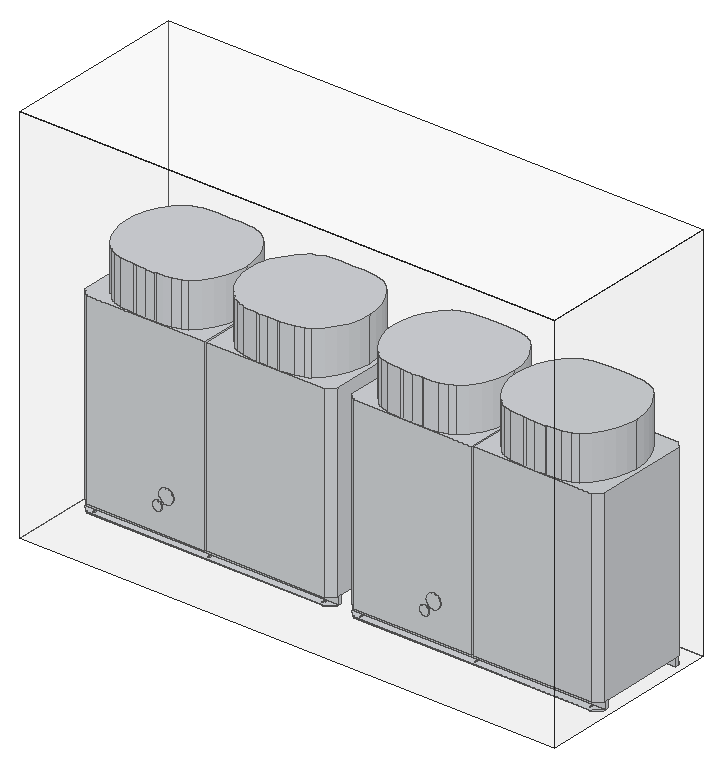
Revit family "pury-sep224_500(s)dmg9_60Hz", category 機械設備, Revit 2019 (continued)
Definition of nested family "筐体モジュール.（R2高効率）"
  Lines and regions (mm)
    symbolic lines, visible <- "ユニット4X"
      curve 301: arc (-694.112, 316.106, 0) -> (-802.132, 174.18, 0) -> (-840.507, 0, 0) r 414.476
      curve 302: arc (-840.507, 0, 0) -> (-802.132, -174.18, 0) -> (-694.112, -316.106, 0) r 414.476
      curve 303: arc (-694.112, -316.106, 0) -> (-676.871, -327.278, 0) -> (-658.4, -336.274, 0) r 168.924
      curve 304: arc (-658.4, -336.274, 0) -> (-630.711, -346.28, 0) -> (-602.194, -353.601, 0) r 308.609
      curve 305: arc (-602.194, -353.601, 0) -> (-554.089, -361, 0) -> (-505.475, -363.367, 0) r 468.429
      curve 306: arc (-505.475, -363.367, 0) -> (-497.937, -363.425, 0) -> (-490.403, -363.142, 0) r 167.153
      curve 307: line (-490.403, -363.142, 0) -> (-426.031, -363.142, 0)
      curve 308: line (-426.031, -363.142, 0) -> (-361.659, -363.142, 0)
      curve 309: arc (-361.659, -363.142, 0) -> (-354.125, -363.425, 0) -> (-346.586, -363.367, 0) r 167.153
      curve 310: arc (-346.586, -363.367, 0) -> (-296.703, -360.87, 0) -> (-247.368, -353.076, 0) r 468.429
      curve 311: arc (-247.368, -353.076, 0) -> (-220.13, -345.901, 0) -> (-193.659, -336.274, 0) r 308.61
      curve 312: arc (-193.659, -336.274, 0) -> (-174.719, -327.333, 0) -> (-157.039, -316.106, 0) r 167.985
      curve 313: arc (-157.039, -316.106, 0) -> (-49.249, -174.112, 0) -> (-10.965, 0, 0) r 415.066
      curve 314: arc (-10.965, 0, 0) -> (-49.249, 174.112, 0) -> (-157.039, 316.106, 0) r 415.066
      curve 315: arc (-157.039, 316.106, 0) -> (-174.719, 327.333, 0) -> (-193.659, 336.274, 0) r 167.985
      curve 316: arc (-193.659, 336.274, 0) -> (-220.13, 345.901, 0) -> (-247.368, 353.076, 0) r 308.61
      curve 317: arc (-247.368, 353.076, 0) -> (-296.703, 360.87, 0) -> (-346.586, 363.367, 0) r 468.429
      curve 318: line (-346.586, 363.367, 0) -> (-426.031, 363.367, 0)
      curve 319: line (-426.031, 363.367, 0) -> (-505.475, 363.367, 0)
      curve 320: arc (-505.475, 363.367, 0) -> (-554.089, 361, 0) -> (-602.194, 353.601, 0) r 468.429
      curve 321: arc (-602.194, 353.601, 0) -> (-630.711, 346.28, 0) -> (-658.4, 336.274, 0) r 308.609
      curve 322: arc (-658.4, 336.274, 0) -> (-677.005, 327.516, 0) -> (-694.112, 316.106, 0) r 138.853
      curve 323: arc (840.507, 0, 0) -> (802.132, 174.18, 0) -> (694.112, 316.106, 0) r 414.476
      curve 324: arc (694.112, 316.106, 0) -> (677.005, 327.516, 0) -> (658.4, 336.274, 0) r 138.853
      curve 325: arc (658.4, 336.274, 0) -> (630.711, 346.28, 0) -> (602.194, 353.601, 0) r 308.609
      curve 326: arc (602.194, 353.601, 0) -> (554.089, 361, 0) -> (505.475, 363.367, 0) r 468.429
      curve 327: line (505.475, 363.367, 0) -> (426.031, 363.367, 0)
      curve 328: line (426.031, 363.367, 0) -> (346.586, 363.367, 0)
      curve 329: arc (346.586, 363.367, 0) -> (297.973, 361, 0) -> (249.868, 353.601, 0) r 468.429
      curve 330: arc (249.868, 353.601, 0) -> (221.351, 346.28, 0) -> (193.661, 336.274, 0) r 308.609
      curve 331: arc (193.661, 336.274, 0) -> (175.191, 327.278, 0) -> (157.949, 316.106, 0) r 168.924
      curve 332: arc (157.949, 316.106, 0) -> (49.93, 174.18, 0) -> (11.555, 0, 0) r 414.476
      curve 333: arc (11.555, 0, 0) -> (49.93, -174.18, 0) -> (157.949, -316.106, 0) r 414.476
      curve 334: arc (157.949, -316.106, 0) -> (175.191, -327.278, 0) -> (193.661, -336.274, 0) r 168.924
      curve 335: arc (193.661, -336.274, 0) -> (221.351, -346.28, 0) -> (249.868, -353.601, 0) r 308.609
      curve 336: arc (249.868, -353.601, 0) -> (297.973, -361, 0) -> (346.586, -363.367, 0) r 468.429
      curve 337: arc (346.586, -363.367, 0) -> (354.125, -363.425, 0) -> (361.659, -363.142, 0) r 167.153
      curve 338: line (361.659, -363.142, 0) -> (426.031, -363.142, 0)
      curve 339: line (426.031, -363.142, 0) -> (490.403, -363.142, 0)
      curve 340: arc (490.403, -363.142, 0) -> (497.937, -363.425, 0) -> (505.475, -363.367, 0) r 167.153
      curve 341: arc (505.475, -363.367, 0) -> (554.089, -361, 0) -> (602.194, -353.601, 0) r 468.429
      curve 342: arc (602.194, -353.601, 0) -> (630.711, -346.28, 0) -> (658.4, -336.274, 0) r 308.609
      curve 343: arc (658.4, -336.274, 0) -> (676.871, -327.278, 0) -> (694.112, -316.106, 0) r 168.924
      curve 344: arc (694.112, -316.106, 0) -> (802.132, -174.18, 0) -> (840.507, 0, 0) r 414.476
      curve 345: line (-875, 320.831, 0) -> (-875, -320.583, 0)
      curve 346: line (-825.831, 370, 0) -> (-875, 320.831, 0)
      curve 347: line (-875, -320.583, 0) -> (-825.583, -370, 0)
      curve 348: line (825.831, 370, 0) -> (-825.831, 370, 0)
      curve 349: line (875, 320.831, 0) -> (825.831, 370, 0)
      curve 350: line (875, -320.583, 0) -> (875, 320.831, 0)
      curve 351: line (825.583, -370, 0) -> (875, -320.583, 0)
      curve 352: line (-825.583, -370, 0) -> (825.583, -370, 0)
      curve 353: line (4.756, 370, 0) -> (4.756, -370, 0)
      curve 354: line (-4.756, -370, 0) -> (-4.756, 370, 0)
  Dimensions and locks
    "Depth": plane 4 to plane 5
    equal spacing: plane 4, plane 1 "中心(正面/背面)", plane 5
    "W": plane 6 to plane 21
    locked: plane 11 "本体下部" to plane 2 at 54
    plane 4 to plane 9 to plane 10 to plane 14 to plane 13 to plane 12 = 57 mm locked, 20 mm locked, 586 mm locked, 20 mm locked, 57 mm locked
    locked: plane 12 to plane 15 at 29.5
    locked: plane 4 to plane 17 at 29.5
    "冷媒液_Z": plane 18 "電源高さ" to level
    plane 8 to plane 7 = 303 mm
    plane 7 to plane 2 = 1347 mm
    "Height": plane 8 to plane 2
    "冷媒管径_Z": level to plane 19 "冷媒管高さ"
    locked: plane 6 to plane 16 at 80
    locked: plane 11 "本体下部" to plane 20 "冷媒操作弁ガス芯4" at 1
    equal spacing: plane 6, plane 3 "中心(左/右)", plane 21
    equal spacing: plane 22, plane 3 "中心(左/右)", plane 23
    "Width": plane 22 to plane 23
    "冷媒ガス_Y": plane 4 to plane 27
    "冷媒管径_Y": plane 4 to plane 28
    "冷媒液_Y": plane 4 to plane 29
    "冷媒ガス_Z": plane 30 to level
    "冷媒液_X": plane 22 to plane 24
    "冷媒管径_X": plane 22 to plane 25
    "冷媒ガス_X": plane 24 to plane 26
    locked: plane 31 to plane 21 at 80
    "冷媒ガス管径": diameter of Extrusion 8 sketch curve
    "冷媒液管径": diameter of Extrusion 7 sketch curve
    "冷媒管径": diameter of Extrusion 6 sketch curve
    "冷媒管径": diameter of Extrusion 5 sketch curve
    aligned and locked: Extrusion 1 to plane 6
    aligned and locked: curve 3 to plane 6
    aligned and locked: plane 10 to Extrusion 2 sketch curve
    aligned and locked: plane 6 to Extrusion 2 sketch curve
    aligned and locked: Extrusion 2 sketch curve to plane 9
    aligned and locked: Extrusion 1 to plane 11 "本体下部"
    aligned and locked: plane 11 "本体下部" to Extrusion 1  (x2)
    aligned and locked: plane 7 to Extrusion 1
    aligned and locked: plane 4 to Extrusion 4
    aligned and locked: plane 9 to Extrusion 2
    aligned and locked: plane 11 "本体下部" to Extrusion 6
    aligned and locked: Extrusion 7 to plane 20 "冷媒操作弁ガス芯4"
    aligned and locked: plane 11 "本体下部" to Extrusion 7
    aligned and locked: plane 11 "本体下部" to Extrusion 8
    aligned and locked: Extrusion 7 to Extrusion 8
    aligned and locked: Extrusion 7 to Extrusion 6
    aligned and locked: Extrusion 1 sketch curve to plane 21
    aligned and locked: Extrusion 1 sketch curve to plane 12
    aligned and locked: Extrusion 1 sketch curve to plane 4
    aligned and locked: Extrusion 1 sketch curve to Extrusion 4
    aligned and locked: curve 203 to plane 21
    aligned and locked: plane 25 to Extrusion 6 sketch curve
    aligned and locked: plane 28 to Extrusion 6 sketch curve
    aligned and locked: plane 26 to Extrusion 8 sketch curve
    aligned and locked: plane 27 to Extrusion 8 sketch curve
    aligned and locked: plane 29 to Extrusion 7 sketch curve
    aligned and locked: plane 24 to Extrusion 7 sketch curve
    aligned and locked: plane 19 "冷媒管高さ" to Extrusion 5 sketch curve
    aligned and locked: plane 25 to Extrusion 5 sketch curve
    aligned and locked: curve 301 to Extrusion 11
    aligned and locked: curve 302 to Extrusion 11
    aligned and locked: curve 303 to Extrusion 11
    aligned and locked: curve 304 to Extrusion 11
    aligned and locked: curve 305 to Extrusion 11
    aligned and locked: curve 306 to Extrusion 11
    aligned and locked: curve 307 to Extrusion 11
    aligned and locked: curve 308 to Extrusion 11
    aligned and locked: curve 309 to Extrusion 11
    aligned and locked: curve 310 to Extrusion 11
    aligned and locked: curve 311 to Extrusion 11
    aligned and locked: curve 312 to Extrusion 11
    aligned and locked: curve 313 to Extrusion 11
    aligned and locked: curve 314 to Extrusion 11
    aligned and locked: curve 315 to Extrusion 11
    aligned and locked: curve 316 to Extrusion 11
    aligned and locked: curve 317 to Extrusion 11
    aligned and locked: curve 318 to Extrusion 11
    aligned and locked: curve 319 to Extrusion 11
    aligned and locked: curve 320 to Extrusion 11
    aligned and locked: curve 321 to Extrusion 11
    aligned and locked: curve 322 to Extrusion 11
    aligned and locked: curve 323 to Extrusion 10
    aligned and locked: curve 324 to Extrusion 10
    aligned and locked: curve 325 to Extrusion 10
    aligned and locked: curve 326 to Extrusion 10
    aligned and locked: curve 327 to Extrusion 10
    aligned and locked: curve 328 to Extrusion 10
    aligned and locked: curve 329 to Extrusion 10
    aligned and locked: curve 330 to Extrusion 10
    aligned and locked: curve 331 to Extrusion 10
    aligned and locked: curve 332 to Extrusion 10
    aligned and locked: curve 333 to Extrusion 10
    aligned and locked: curve 334 to Extrusion 10
    aligned and locked: curve 335 to Extrusion 10
    aligned and locked: curve 336 to Extrusion 10
    aligned and locked: curve 337 to Extrusion 10
    aligned and locked: curve 338 to Extrusion 10
    aligned and locked: curve 339 to Extrusion 10
    aligned and locked: curve 340 to Extrusion 10
    aligned and locked: curve 341 to Extrusion 10
    aligned and locked: curve 342 to Extrusion 10
    aligned and locked: curve 343 to Extrusion 10
    aligned and locked: curve 344 to Extrusion 10
    aligned and locked: curve 345 to Extrusion 1
    aligned and locked: curve 346 to Extrusion 1
    aligned and locked: curve 347 to Extrusion 1
    aligned and locked: curve 348 to Extrusion 9
    aligned and locked: curve 349 to Extrusion 1
    aligned and locked: curve 350 to Extrusion 1
    aligned and locked: curve 351 to Extrusion 1
    aligned and locked: curve 352 to Extrusion 4
    aligned and locked: curve 353 to Extrusion 1
    aligned and locked: curve 354 to Extrusion 1
    aligned and locked: plane 17 to nested 2
    aligned and locked: plane 15 to nested 2
    aligned and locked: plane 16 to nested 2
    aligned and locked: plane 31 to nested 1
    aligned and locked: plane 17 to nested 1
    aligned and locked: plane 15 to nested 1
    aligned and locked: plane 3 "中心(左/右)" to nested 2
    aligned and locked: plane 3 "中心(左/右)" to nested 1
    aligned and locked: Masking region 1 sketch curve to curve 346
    aligned and locked: Masking region 1 sketch curve to curve 345
    aligned and locked: Masking region 1 sketch curve to curve 347
    aligned and locked: Masking region 1 sketch curve to curve 352
    aligned and locked: Masking region 1 sketch curve to curve 351
    aligned and locked: Masking region 1 sketch curve to curve 350
    aligned and locked: Masking region 1 sketch curve to curve 349
    aligned and locked: Masking region 1 sketch curve to curve 348
  Automatic sketch dimensions
    Extrusion 2 sketch curve to plane 21 = 0 mm
    Extrusion 3 sketch curve to plane 6 = 0 mm
    Extrusion 3 sketch curve to plane 13 = 0 mm
    Extrusion 3 sketch curve to plane 21 = 0 mm
    Extrusion 3 sketch curve to plane 14 = 0 mm
    Extrusion 10 sketch curve to Extrusion 10 sketch curve = 0 mm  (x4)
    plane 1 "中心(正面/背面)" to Extrusion 10 sketch curve = 0 mm  (x2)
    Extrusion 10 sketch curve to plane 21 = 266.274 mm
    Extrusion 10 sketch curve to plane 21 = 281.195 mm
    Extrusion 10 sketch curve to plane 1 "中心(正面/背面)" = 51.367 mm  (x2)
    Extrusion 10 sketch curve to Extrusion 10 sketch curve = 68.933 mm
    plane 1 "中心(正面/背面)" to Extrusion 10 sketch curve = 51.367 mm  (x2)
    Extrusion 10 sketch curve to Extrusion 10 sketch curve = 32.763 mm  (x4)
    plane 5 to Extrusion 10 sketch curve = 6.633 mm
    Extrusion 10 sketch curve to Extrusion 10 sketch curve = 103.251 mm
    Extrusion 10 sketch curve to Extrusion 10 sketch curve = 6.599 mm  (x2)
    Extrusion 10 sketch curve to plane 4 = 6.858 mm
    Extrusion 10 sketch curve to Extrusion 10 sketch curve = 10.027 mm
    Extrusion 10 sketch curve to Extrusion 10 sketch curve = 113.762 mm
    Extrusion 10 sketch curve to Extrusion 10 sketch curve = 64.372 mm  (x2)
    Extrusion 10 sketch curve to Extrusion 10 sketch curve = 79.445 mm  (x2)
    Extrusion 10 sketch curve to Extrusion 10 sketch curve = 148.799 mm
    Extrusion 10 sketch curve to Extrusion 10 sketch curve = 80.998 mm
    Extrusion 10 sketch curve to Extrusion 10 sketch curve = 86.775 mm
    Extrusion 10 sketch curve to Extrusion 10 sketch curve = 93.374 mm
    Extrusion 10 sketch curve to Extrusion 10 sketch curve = 155.243 mm
    Extrusion 10 sketch curve to plane 14 = 112.812 mm
    Extrusion 10 sketch curve to plane 1 "中心(正面/背面)" = 105.059 mm
    Extrusion 10 sketch curve to Extrusion 10 sketch curve = 53.692 mm  (x3)
    Extrusion 10 sketch curve to plane 17 = 4.226 mm  (x2)
    Extrusion 10 sketch curve to Extrusion 10 sketch curve = 64.596 mm
    Extrusion 10 sketch curve to plane 15 = 4.226 mm  (x2)
    Extrusion 10 sketch curve to Extrusion 10 sketch curve = 49.674 mm
    plane 13 to Extrusion 10 sketch curve = 3.106 mm
    plane 17 to Extrusion 10 sketch curve = 13.101 mm  (x2)
    Extrusion 10 sketch curve to plane 4 = 6.633 mm
    plane 15 to Extrusion 10 sketch curve = 13.101 mm
    plane 9 to Extrusion 10 sketch curve = 3.106 mm
    Extrusion 11 sketch curve to Extrusion 11 sketch curve = 0 mm  (x3)
    Extrusion 11 sketch curve to plane 1 "中心(正面/背面)" = 0 mm
    plane 1 "中心(正面/背面)" to Extrusion 11 sketch curve = 0 mm
    plane 1 "中心(正面/背面)" to Extrusion 11 sketch curve = 51.367 mm  (x2)
    Extrusion 11 sketch curve to Extrusion 11 sketch curve = 32.763 mm  (x4)
    plane 5 to Extrusion 11 sketch curve = 6.633 mm
    Extrusion 11 sketch curve to Extrusion 11 sketch curve = 6.599 mm  (x2)
    Extrusion 11 sketch curve to plane 4 = 6.858 mm
    Extrusion 11 sketch curve to Extrusion 11 sketch curve = 113.762 mm  (x2)
    Extrusion 11 sketch curve to Extrusion 11 sketch curve = 64.372 mm  (x2)
    Extrusion 11 sketch curve to Extrusion 11 sketch curve = 79.445 mm  (x2)
    Extrusion 11 sketch curve to Extrusion 11 sketch curve = 91.232 mm  (x2)
    Extrusion 11 sketch curve to Extrusion 11 sketch curve = 53.692 mm  (x3)
    Extrusion 11 sketch curve to plane 1 "中心(正面/背面)" = 51.367 mm  (x2)
    Extrusion 11 sketch curve to Extrusion 11 sketch curve = 75.129 mm
    Extrusion 11 sketch curve to Extrusion 11 sketch curve = 101.551 mm
    Extrusion 11 sketch curve to plane 17 = 4.226 mm  (x2)
    Extrusion 11 sketch curve to Extrusion 11 sketch curve = 64.596 mm
    Extrusion 11 sketch curve to plane 15 = 4.226 mm  (x2)
    Extrusion 11 sketch curve to Extrusion 11 sketch curve = 49.674 mm
    plane 13 to Extrusion 11 sketch curve = 3.106 mm
    plane 17 to Extrusion 11 sketch curve = 13.101 mm
    Extrusion 11 sketch curve to plane 4 = 6.633 mm
    plane 9 to Extrusion 11 sketch curve = 3.106 mm
    Extrusion 11 sketch curve to Extrusion 11 sketch curve = 80.998 mm
    Extrusion 11 sketch curve to Extrusion 11 sketch curve = 93.374 mm
    Extrusion 11 sketch curve to Extrusion 11 sketch curve = 101.697 mm
    plane 16 to Extrusion 11 sketch curve = 186.274 mm
    Extrusion 11 sketch curve to Extrusion 11 sketch curve = 152.925 mm
    Extrusion 11 sketch curve to Extrusion 11 sketch curve = 111.791 mm
    Extrusion 11 sketch curve to Extrusion 11 sketch curve = 148.799 mm
    Extrusion 11 sketch curve to Extrusion 11 sketch curve = 89.275 mm
    Extrusion 11 sketch curve to Extrusion 11 sketch curve = 95.874 mm
    plane 15 to Extrusion 11 sketch curve = 12.576 mm
    plane 17 to Extrusion 11 sketch curve = 12.576 mm
    Extrusion 10 sketch curve to Extrusion 10 sketch curve = 75.129 mm  (x2)
    Extrusion 11 sketch curve to Extrusion 11 sketch curve = 16.103 mm  (x2)
    Extrusion 10 sketch curve to Extrusion 10 sketch curve = 91.232 mm  (x2)
    Extrusion 11 sketch curve to plane 10 = 96.709 mm
    Extrusion 9 sketch curve to plane 6 = 0 mm
    plane 5 to Extrusion 9 sketch curve = 0 mm
    Extrusion 9 sketch curve to plane 16 = 0 mm
    Extrusion 9 sketch curve to plane 3 "中心(左/右)" = 0 mm
    Extrusion 9 sketch curve to plane 21 = 0 mm
    Extrusion 9 sketch curve to plane 13 = 0 mm
    plane 16 to Extrusion 9 sketch curve = 30.583 mm
    Extrusion 9 sketch curve to plane 15 = 3 mm  (x3)
    Extrusion 9 sketch curve to Extrusion 9 sketch curve = 7 mm  (x3)
    plane 15 to Extrusion 9 sketch curve = 3 mm  (x3)
    plane 21 to Extrusion 9 sketch curve = 87 mm
    Extrusion 9 sketch curve to Extrusion 9 sketch curve = 23.583 mm
    Extrusion 9 sketch curve to plane 13 = 7.583 mm  (x2)
    Extrusion 1 sketch curve to plane 6 = 0 mm
    plane 5 to Extrusion 1 sketch curve = 0 mm
    plane 4 to Extrusion 1 sketch curve = 0 mm
    Extrusion 1 sketch curve to plane 16 = 30.831 mm
    Extrusion 1 sketch curve to plane 16 = 30.583 mm
    Extrusion 1 sketch curve to plane 3 "中心(左/右)" = 4.756 mm
    plane 3 "中心(左/右)" to Extrusion 1 sketch curve = 4.756 mm
    Extrusion 1 sketch curve to plane 21 = 49.169 mm
    plane 9 to Extrusion 1 sketch curve = 7.583 mm
    plane 13 to Extrusion 1 sketch curve = 7.831 mm  (x2)
    Extrusion 4 sketch curve to plane 6 = 0 mm
    plane 4 to Extrusion 4 sketch curve = 0 mm
    Extrusion 4 sketch curve to plane 16 = 0 mm
    Extrusion 4 sketch curve to plane 3 "中心(左/右)" = 0 mm
    Extrusion 4 sketch curve to plane 21 = 0 mm
    plane 9 to Extrusion 4 sketch curve = 0 mm
    Extrusion 4 sketch curve to plane 16 = 30.583 mm
    plane 17 to Extrusion 4 sketch curve = 3 mm  (x3)
    Extrusion 4 sketch curve to Extrusion 4 sketch curve = 7 mm  (x3)
    Extrusion 4 sketch curve to plane 17 = 3 mm  (x3)
    Extrusion 4 sketch curve to plane 21 = 87 mm
    Extrusion 4 sketch curve to Extrusion 4 sketch curve = 23.583 mm
    plane 9 to Extrusion 4 sketch curve = 7.583 mm  (x2)
    curve 306 to curve 307 = 64.372 mm
    curve 319 to curve 317 = 79.445 mm
    curve 337 to curve 338 = 64.372 mm
    curve 328 to curve 328 = 79.445 mm
  Nested families
    nested 1: "固定点" at (0, -340.5, 0), visible <- "ユニット4X", type "固定点", detail levels fine
      with W 795 mm, D 681 mm
    nested 2: "固定点" at (-795, -340.5, 0), visible <- "ユニット4X", type "固定点", detail levels fine
      with W 795 mm, D 681 mm
  Definition of nested family "固定点"
    Parameters (values of type "固定点")
      中心円 = 20 mm
      W [instance] = 1000 mm
      D [instance] = 1000 mm
    Reference planes
      plane 1 "中心(正面/背面)": y = 0
      plane 2: z = 0
      plane 3 "中心(左/右)": x = 0
      plane 4: x = 1000
      plane 5: y = 1000
    Lines and regions (mm)
      symbolic lines, detail levels fine
        curve 1: circle (0, 1000, 0) r 10 normal (0, 0, 1)
        curve 2: circle (0, 0, 0) r 10 normal (0, 0, 1)
        curve 3: circle (1000, 1000, 0) r 10 normal (0, 0, 1)
        curve 4: circle (1000, 0, 0) r 10 normal (0, 0, 1)
        curve 5: line (-200, 1000, 0) -> (1200, 1000, 0)
        curve 6: line (-200, 0, 0) -> (1200, 0, 0)
        curve 7: line (0, 1200, 0) -> (0, -200, 0)
        curve 8: line (1000, 1200, 0) -> (1000, -200, 0)
    Dimensions and locks
      "W": plane 3 "中心(左/右)" to plane 4
      "D": plane 1 "中心(正面/背面)" to plane 5
      "中心円": diameter of curve 1
      "中心円": diameter of curve 2
      "中心円": diameter of curve 3
      "中心円": diameter of curve 4
      aligned and locked: level to plane 2
      aligned and locked: plane 5 to curve 1
      aligned and locked: plane 3 "中心(左/右)" to curve 1
      aligned and locked: plane 3 "中心(左/右)" to curve 2
      aligned and locked: plane 1 "中心(正面/背面)" to curve 2
      aligned and locked: plane 4 to curve 3
      aligned and locked: plane 5 to curve 3
      aligned and locked: plane 1 "中心(正面/背面)" to curve 4
      aligned and locked: plane 4 to curve 4
      aligned and locked: plane 1 "中心(正面/背面)" to curve 6
      aligned and locked: curve 7 to plane 3 "中心(左/右)"
      aligned and locked: curve 8 to plane 4
    Automatic sketch dimensions
      curve 5 to plane 5 = 0 mm
      curve 6 to plane 3 "中心(左/右)" = 200 mm
      curve 5 to plane 3 "中心(左/右)" = 200 mm
      curve 4 to curve 6 = 200 mm
      curve 3 to curve 5 = 200 mm
      plane 1 "中心(正面/背面)" to curve 8 = 200 mm
      plane 1 "中心(正面/背面)" to curve 7 = 200 mm
      curve 3 to curve 8 = 200 mm
      curve 1 to curve 7 = 200 mm
Definition of nested family "outline"
  Parameters (values of type "outline_S")
    ユニット4X [instance] = and(ユニット2, Width = 1750 mm)  # no
    ユニット2 [instance] = yes
    Width [instance] = 920 mm
    W = 920 mm
    Height [instance] = 1650 mm
    Depth [instance] = 740 mm
  Types (3, lengths in mm): name | ユニット4X | Width | W
    outline_S | no | 920 | 920
    outline_XL | yes | 1750 | 1750
    outline_L | no | 1220 | 1220
  Reference planes
    plane 1 "中心(正面/背面)": y = 0
    plane 2: z = 0
    plane 3 "中心(左/右)": x = 0
    plane 4: y = -370
    plane 5: y = 370
    plane 6: x = -460
    plane 7: z = 1347
    plane 8: z = 1650
    plane 9 "本体下部": z = 54
    plane 10: y = 370
    plane 11 "電源高さ": z = 262
    plane 12 "冷媒管高さ": z = 262
    plane 13 "冷媒操作弁ガス芯4": z = 53
    plane 14: x = 460
    plane 15: x = -875
    plane 16: x = 875
    plane 17: z = 262
  Forms (mm)
    Extrusion 1, solid, visible <- "ユニット2", detail levels coarse+medium
      sketch origin (0, 0, 0) x (1, 0, 0) y (0, 1, 0)
        loop
          line (-460, 370) -> (-460, -370) -> (460, -370) -> (460, 370) -> (-460, 370)
      from 0 to 1650
  Lines and regions (mm)
    model lines, visible <- "ユニット4X", not visible, detail levels fine
      curve 1: line (460, 178.667, 1289.179) -> (460, 297.73, 1289.179)
      curve 2: line (460, 178.667, 1056.056) -> (460, 178.667, 1289.179)
      curve 3: line (460, 297.73, 1056.056) -> (460, 178.667, 1056.056)
      curve 4: line (460, 297.73, 1289.179) -> (460, 297.73, 1056.056)
      curve 5: line (460, 47.598, 1289.179) -> (460, 166.661, 1289.179)
      curve 6: line (460, 47.598, 1056.056) -> (460, 47.598, 1289.179)
      curve 7: line (460, 166.661, 1056.056) -> (460, 47.598, 1056.056)
      curve 8: line (460, 166.661, 1289.179) -> (460, 166.661, 1056.056)
      curve 9: line (460, -83.471, 1289.179) -> (460, 35.592, 1289.179)
      curve 10: line (460, -83.471, 1056.056) -> (460, -83.471, 1289.179)
      curve 11: line (460, 35.592, 1056.056) -> (460, -83.471, 1056.056)
      curve 12: line (460, 35.592, 1289.179) -> (460, 35.592, 1056.056)
      curve 13: line (460, -150.779, 1289.179) -> (460, -95.75, 1289.179)
      curve 14: line (460, -150.779, 1056.056) -> (460, -150.779, 1289.179)
      curve 15: line (460, -95.75, 1056.056) -> (460, -150.779, 1056.056)
      curve 16: line (460, -95.75, 1289.179) -> (460, -95.75, 1056.056)
      curve 17: line (460, -150.779, 1283.175) -> (460, -132.596, 1283.175)
      curve 18: line (460, -150.779, 1062.059) -> (460, -150.779, 1283.175)
      curve 19: line (460, -132.596, 1062.059) -> (460, -150.779, 1062.059)
      curve 20: line (460, -132.596, 1283.175) -> (460, -132.596, 1062.059)
      curve 21: line (460, 178.667, 1046.051) -> (460, 297.73, 1046.051)
      curve 22: line (460, 178.667, 812.928) -> (460, 178.667, 1046.051)
      curve 23: line (460, 297.73, 812.928) -> (460, 178.667, 812.928)
      curve 24: line (460, 297.73, 1046.051) -> (460, 297.73, 812.928)
      curve 25: line (460, 47.598, 1046.051) -> (460, 166.661, 1046.051)
      curve 26: line (460, 47.598, 812.928) -> (460, 47.598, 1046.051)
      curve 27: line (460, 166.661, 812.928) -> (460, 47.598, 812.928)
      curve 28: line (460, 166.661, 1046.051) -> (460, 166.661, 812.928)
      curve 29: line (460, -83.471, 1046.051) -> (460, 35.592, 1046.051)
      curve 30: line (460, -83.471, 812.928) -> (460, -83.471, 1046.051)
      curve 31: line (460, 35.592, 812.928) -> (460, -83.471, 812.928)
      curve 32: line (460, 35.592, 1046.051) -> (460, 35.592, 812.928)
      curve 33: line (460, -150.779, 1046.051) -> (460, -95.75, 1046.051)
      curve 34: line (460, -150.779, 812.928) -> (460, -150.779, 1046.051)
      curve 35: line (460, -95.75, 812.928) -> (460, -150.779, 812.928)
      curve 36: line (460, -95.75, 1046.051) -> (460, -95.75, 812.928)
      curve 37: line (460, -150.779, 1040.048) -> (460, -132.596, 1040.048)
      curve 38: line (460, -150.779, 818.931) -> (460, -150.779, 1040.048)
      curve 39: line (460, -132.596, 818.931) -> (460, -150.779, 818.931)
      curve 40: line (460, -132.596, 1040.048) -> (460, -132.596, 818.931)
      curve 41: line (460, 178.667, 802.923) -> (460, 297.73, 802.923)
      curve 42: line (460, 178.667, 569.8) -> (460, 178.667, 802.923)
      curve 43: line (460, 297.73, 569.8) -> (460, 178.667, 569.8)
      curve 44: line (460, 297.73, 802.923) -> (460, 297.73, 569.8)
      curve 45: line (460, 47.598, 802.923) -> (460, 166.661, 802.923)
      curve 46: line (460, 47.598, 569.8) -> (460, 47.598, 802.923)
      curve 47: line (460, 166.661, 569.8) -> (460, 47.598, 569.8)
      curve 48: line (460, 166.661, 802.923) -> (460, 166.661, 569.8)
      curve 49: line (460, -83.471, 802.923) -> (460, 35.592, 802.923)
      curve 50: line (460, -83.471, 569.8) -> (460, -83.471, 802.923)
      curve 51: line (460, 35.592, 569.8) -> (460, -83.471, 569.8)
      curve 52: line (460, 35.592, 802.923) -> (460, 35.592, 569.8)
      curve 53: line (460, -150.779, 802.923) -> (460, -95.75, 802.923)
      curve 54: line (460, -150.779, 569.8) -> (460, -150.779, 802.923)
      curve 55: line (460, -95.75, 569.8) -> (460, -150.779, 569.8)
      curve 56: line (460, -95.75, 802.923) -> (460, -95.75, 569.8)
      curve 57: line (460, -150.779, 796.92) -> (460, -132.596, 796.92)
      curve 58: line (460, -150.779, 575.803) -> (460, -150.779, 796.92)
      curve 59: line (460, -132.596, 575.803) -> (460, -150.779, 575.803)
      curve 60: line (460, -132.596, 796.92) -> (460, -132.596, 575.803)
      curve 61: line (460, 178.667, 559.795) -> (460, 297.73, 559.795)
      curve 62: line (460, 178.667, 326.672) -> (460, 178.667, 559.795)
      curve 63: line (460, 297.73, 326.672) -> (460, 178.667, 326.672)
      curve 64: line (460, 297.73, 559.795) -> (460, 297.73, 326.672)
      curve 65: line (460, 47.598, 559.795) -> (460, 166.661, 559.795)
      curve 66: line (460, 47.598, 326.672) -> (460, 47.598, 559.795)
      curve 67: line (460, 166.661, 326.672) -> (460, 47.598, 326.672)
      curve 68: line (460, 166.661, 559.795) -> (460, 166.661, 326.672)
      curve 69: line (460, -83.471, 559.795) -> (460, 35.592, 559.795)
      curve 70: line (460, -83.471, 326.672) -> (460, -83.471, 559.795)
      curve 71: line (460, 35.592, 326.672) -> (460, -83.471, 326.672)
      curve 72: line (460, 35.592, 559.795) -> (460, 35.592, 326.672)
      curve 73: line (460, -150.779, 559.795) -> (460, -95.75, 559.795)
      curve 74: line (460, -150.779, 326.672) -> (460, -150.779, 559.795)
      curve 75: line (460, -95.75, 326.672) -> (460, -150.779, 326.672)
      curve 76: line (460, -95.75, 559.795) -> (460, -95.75, 326.672)
      curve 77: line (460, -150.779, 553.792) -> (460, -132.596, 553.792)
      curve 78: line (460, -150.779, 332.675) -> (460, -150.779, 553.792)
      curve 79: line (460, -132.596, 332.675) -> (460, -150.779, 332.675)
      curve 80: line (460, -132.596, 553.792) -> (460, -132.596, 332.675)
      curve 81: line (460, 178.667, 316.667) -> (460, 297.73, 316.667)
      curve 82: line (460, 178.667, 83.544) -> (460, 178.667, 316.667)
      curve 83: line (460, 297.73, 83.544) -> (460, 178.667, 83.544)
      curve 84: line (460, 297.73, 316.667) -> (460, 297.73, 83.544)
      curve 85: line (460, 47.598, 316.667) -> (460, 166.661, 316.667)
      curve 86: line (460, 47.598, 83.544) -> (460, 47.598, 316.667)
      curve 87: line (460, 166.661, 83.544) -> (460, 47.598, 83.544)
      curve 88: line (460, 166.661, 316.667) -> (460, 166.661, 83.544)
      curve 89: line (460, -83.471, 316.667) -> (460, 35.592, 316.667)
      curve 90: line (460, -83.471, 83.544) -> (460, -83.471, 316.667)
      curve 91: line (460, 35.592, 83.544) -> (460, -83.471, 83.544)
      curve 92: line (460, 35.592, 316.667) -> (460, 35.592, 83.544)
      curve 93: line (460, -150.779, 316.667) -> (460, -95.75, 316.667)
      curve 94: line (460, -150.779, 83.544) -> (460, -150.779, 316.667)
      curve 95: line (460, -95.75, 83.544) -> (460, -150.779, 83.544)
      curve 96: line (460, -95.75, 316.667) -> (460, -95.75, 83.544)
      curve 97: line (460, -150.779, 310.664) -> (460, -132.596, 310.664)
      curve 98: line (460, -150.779, 89.547) -> (460, -150.779, 310.664)
      curve 99: line (460, -132.596, 89.547) -> (460, -150.779, 89.547)
      curve 100: line (460, -132.596, 310.664) -> (460, -132.596, 89.547)
  Dimensions and locks
    "Depth": plane 4 to plane 5
    equal spacing: plane 4, plane 1 "中心(正面/背面)", plane 5
    "W": plane 6 to plane 14
    locked: plane 9 "本体下部" to plane 2 at 54
    plane 4 to plane 10 = 740 mm
    plane 11 "電源高さ" to level = 262 mm
    plane 8 to plane 7 = 303 mm
    plane 7 to plane 2 = 1347 mm
    "Height": plane 8 to plane 2
    level to plane 12 "冷媒管高さ" = 262 mm
    locked: plane 9 "本体下部" to plane 13 "冷媒操作弁ガス芯4" at 1
    equal spacing: plane 6, plane 3 "中心(左/右)", plane 14
    plane 17 to level = 262 mm
  Automatic sketch dimensions
    plane 4 to Extrusion 1 sketch curve = 0 mm
    Extrusion 1 sketch curve to plane 6 = 0 mm
    Extrusion 1 sketch curve to plane 14 = 0 mm
    plane 5 to Extrusion 1 sketch curve = 0 mm
Types (14, lengths in mm): name | 風量（m3／min） | 風量 | 音響パワーレベル(dB) | 電源位置2X（ユニット3） | 電源位置2X（ユニット2） | 電源位置2X（ユニット1） | 電源位置1X（ユニット3） | 電源位置1X（ユニット2） | 電源位置1X（ユニット1） | 電動機出力_送風機 | 電動機出力_圧縮機 | 質量 | 製品質量 | 消費電力_暖房 | 消費電力_冷房 | 消費電力 | 最小電線太さ_mm2 | 最大電流値 | 暖房能力 | 推奨ブレーカー容量 | 冷房能力 | 冷媒管（液）位置1 (ユニット3） | 冷媒管（液）位置1 (ユニット1) | 冷媒管（液）位置1 (ユニット2） | 冷媒管径符号 | 冷媒管位置1 (ユニット2) | 冷媒管位置1 (ユニット3) | 冷媒管位置1 (ユニット1) | 冷媒液管径3 | 冷媒液管径2 | 冷媒液管径 | 冷媒ガス管径3 | 冷媒ガス管径2 | 冷媒ガス管径 | ユニット隙間 | ユニット数 | ユニットタイプ3 | ユニットタイプ2 | ユニットタイプ1 | ユニット2 | モデル | サービススペース_タイプA | アンカーボルト位置X（ユニット3） | アンカーボルト位置X（ユニット2） | アンカーボルト位置X（ユニット1） | Width3 | Width2 | Width1 | Width | URL | OUTLINE2 | OUTLINE1 | MAX風量 | Clearance Right | Clearance Left | Clearance Back
  PURY-SEP224DMG9_タイプA | 200 | 12000.0 m³/h | 79.5 | 227 | 227 | 227 | 251 | 251 | 251 | 0.92 kW | 4.3 kW | 284.40 kg | 237.00 kg | 6.07 kW | 6.02 kW | 6.07 kW | 22 | 43.2 A | 25 kW | 50 A | 22.4 kW | 244 | 244 | 244 | "De" | 314 | 314 | 314 | 15.88 | 15.88 | 15.88 | 19.05 | 19.05 | 19.05 | 30 | 1 | 筐体モジュール（R2高効率） : 224筐体 | 筐体モジュール（R2高効率） : 224筐体 | 筐体モジュール（R2高効率） : 224筐体 | no | "PURY-SEP224DMG9" | yes | 1060 | 1060 | 1060 | 1220 | 1220 | 1220 | 1220 | "https://www.mitsubishielectric.co.jp/ldg/wink/qr/002/331954/" | outline : outline_L | outline : outline_L | 12000.0 m³/h | 15 | 15 | 300
  PURY-SEP280SDMG9_タイプA | 370 | 22200.0 m³/h | 83 | 177 | 177 | 177 | 201 | 201 | 201 | 1.84 kW | 5.6 kW | 475.20 kg | 396.00 kg | 8.4 kW | 8.5 kW | 8.5 kW | 38 | 61.3 A | 31.5 kW | 75 A | 28 kW | 194 | 194 | 194 | "Ef" | 264 | 264 | 264 | 15.88 | 15.88 | 15.88 | 19.05 | 19.05 | 19.05 | 30 | 2 | 筐体モジュール（R2高効率） : 140筐体 | 筐体モジュール（R2高効率） : 140筐体 | 筐体モジュール（R2高効率） : 140筐体 | yes | "PURY-SEP280SDMG9" | yes | 760 | 760 | 760 | 920 | 920 | 920 | 1870 | "https://www.mitsubishielectric.co.jp/ldg/wink/qr/002/331957/" | outline : outline_S | outline : outline_S | 22200.0 m³/h | 15 | 15 | 300
  PURY-SEP335SDMG9_タイプA | 370 | 22200.0 m³/h | 85 | 177 | 177 | 177 | 201 | 201 | 201 | 1.84 kW | 6.2 kW | 475.20 kg | 396.00 kg | 9.85 kW | 9.3 kW | 9.85 kW | 38 | 61.3 A | 37.5 kW | 75 A | 33.5 kW | 194 | 194 | 194 | "Ef" | 264 | 264 | 264 | 15.88 | 15.88 | 15.88 | 19.05 | 19.05 | 19.05 | 30 | 2 | 筐体モジュール（R2高効率） : 160筐体 | 筐体モジュール（R2高効率） : 160筐体 | 筐体モジュール（R2高効率） : 160筐体 | yes | "PURY-SEP335SDMG9" | yes | 760 | 760 | 760 | 920 | 920 | 920 | 1870 | "https://www.mitsubishielectric.co.jp/ldg/wink/qr/002/331960/" | outline : outline_S | outline : outline_S | 22200.0 m³/h | 15 | 15 | 300
  PURY-SEP400SDMG9_タイプA | 385 | 23100.0 m³/h | 84 | 227 | 177 | 227 | 251 | 201 | 251 | 1.84 kW | 7.4 kW | 523.20 kg | 436.00 kg | 11.4 kW | 11 kW | 11.4 kW | 38 | 73.8 A | 45 kW | 75 A | 40 kW | 194 | 244 | 194 | "Eg" | 264 | 314 | 314 | 15.88 | 15.88 | 15.88 | 19.05 | 19.05 | 19.05 | 30 | 2 | 筐体モジュール（R2高効率） : 224筐体 | 筐体モジュール（R2高効率） : 160筐体 | 筐体モジュール（R2高効率） : 224筐体 | yes | "PURY-SEP400SDMG9" | yes | 1060 | 760 | 1060 | 1220 | 920 | 1220 | 2170 | "https://www.mitsubishielectric.co.jp/ldg/wink/qr/002/331963/" | outline : outline_S | outline : outline_L | 23100.0 m³/h | 15 | 15 | 300
  PURY-SEP450SDMG9_タイプA | 400 | 24000.0 m³/h | 82.5 | 227 | 227 | 227 | 251 | 251 | 251 | 1.84 kW | 8.6 kW | 571.20 kg | 476.00 kg | 12 kW | 12 kW | 12 kW | 60 | 86.3 A | 50 kW | 100 A | 45 kW | 244 | 244 | 244 | "Fh" | 314 | 314 | 314 | 15.88 | 15.88 | 15.88 | 19.05 | 19.05 | 19.05 | 30 | 2 | 筐体モジュール（R2高効率） : 224筐体 | 筐体モジュール（R2高効率） : 224筐体 | 筐体モジュール（R2高効率） : 224筐体 | yes | "PURY-SEP450SDMG9" | yes | 1060 | 1060 | 1060 | 1220 | 1220 | 1220 | 2470 | "https://www.mitsubishielectric.co.jp/ldg/wink/qr/002/332091/" | outline : outline_L | outline : outline_L | 24000.0 m³/h | 15 | 15 | 300
  PURY-SEP500SDMG9_タイプA | 520 | 31200.0 m³/h | 83.5 | 516 | 227 | 516 | 541 | 251 | 541 | 2.76 kW | 10.3 kW | 664.80 kg | 554.00 kg | 14 kW | 14.7 kW | 14.7 kW | 60 | 95.5 A | 56 kW | 100 A | 50 kW | 533 | 533 | 244 | "Fh" | 314 | 603 | 603 | 19.05 | 15.88 | 19.05 | 22.20 | 19.05 | 22.20 | 30 | 2 | 筐体モジュール.（R2高効率） : 280K筐体 | 筐体モジュール（R2高効率） : 224筐体 | 筐体モジュール.（R2高効率） : 280K筐体 | yes | "PURY-SEP500SDMG9" | yes | 795 | 1060 | 795 | 1750 | 1220 | 1750 | 3000 | "https://www.mitsubishielectric.co.jp/ldg/wink/qr/002/331969/" | outline : outline_L | outline : outline_XL | 31200.0 m³/h | 15 | 15 | 300
  PURY-SEP560SDMG9_タイプA | 640 | 38400.0 m³/h | 84.5 | 516 | 516 | 516 | 541 | 541 | 541 | 3.68 kW | 12 kW | 758.40 kg | 632.00 kg | 16.8 kW | 17.5 kW | 17.5 kW | 100 | 104.7 A | 63 kW | 125 A | 56 kW | 533 | 533 | 533 | "Fh" | 603 | 603 | 603 | 19.05 | 19.05 | 19.05 | 22.20 | 22.20 | 22.20 | 30 | 2 | 筐体モジュール.（R2高効率） : 280K筐体 | 筐体モジュール.（R2高効率） : 280K筐体 | 筐体モジュール.（R2高効率） : 280K筐体 | yes | "PURY-SEP560SDMG9" | yes | 795 | 795 | 795 | 1750 | 1750 | 1750 | 3530 | "https://www.mitsubishielectric.co.jp/ldg/wink/qr/002/331972/" | outline : outline_XL | outline : outline_XL | 38400.0 m³/h | 15 | 15 | 300
  PURY-SEP224DMG9_タイプB | 200 | 12000.0 m³/h | 79.5 | 227 | 227 | 227 | 251 | 251 | 251 | 0.92 kW | 4.3 kW | 284.40 kg | 237.00 kg | 6.07 kW | 6.02 kW | 6.07 kW | 22 | 43.2 A | 25 kW | 50 A | 22.4 kW | 244 | 244 | 244 | "De" | 314 | 314 | 314 | 15.88 | 15.88 | 15.88 | 19.05 | 19.05 | 19.05 | 100 | 1 | 筐体モジュール（R2高効率） : 224筐体 | 筐体モジュール（R2高効率） : 224筐体 | 筐体モジュール（R2高効率） : 224筐体 | no | "PURY-SEP224DMG9" | no | 1060 | 1060 | 1060 | 1220 | 1220 | 1220 | 1220 | "https://www.mitsubishielectric.co.jp/ldg/wink/qr/002/331954/" | outline : outline_L | outline : outline_L | 12000.0 m³/h | 50 | 50 | 100
  PURY-SEP280SDMG9_タイプB | 370 | 22200.0 m³/h | 83 | 177 | 177 | 177 | 201 | 201 | 201 | 1.84 kW | 5.6 kW | 475.20 kg | 396.00 kg | 8.4 kW | 8.5 kW | 8.5 kW | 38 | 61.3 A | 31.5 kW | 75 A | 28 kW | 194 | 194 | 194 | "Ef" | 264 | 264 | 264 | 15.88 | 15.88 | 15.88 | 19.05 | 19.05 | 19.05 | 100 | 2 | 筐体モジュール（R2高効率） : 140筐体 | 筐体モジュール（R2高効率） : 140筐体 | 筐体モジュール（R2高効率） : 140筐体 | yes | "PURY-SEP280SDMG9" | no | 760 | 760 | 760 | 920 | 920 | 920 | 1940 | "https://www.mitsubishielectric.co.jp/ldg/wink/qr/002/331957/" | outline : outline_S | outline : outline_S | 22200.0 m³/h | 50 | 50 | 100
  PURY-SEP335SDMG9_タイプB | 370 | 22200.0 m³/h | 85 | 177 | 177 | 177 | 201 | 201 | 201 | 1.84 kW | 6.2 kW | 475.20 kg | 396.00 kg | 9.85 kW | 9.3 kW | 9.85 kW | 38 | 61.3 A | 37.5 kW | 75 A | 33.5 kW | 194 | 194 | 194 | "Ef" | 264 | 264 | 264 | 15.88 | 15.88 | 15.88 | 19.05 | 19.05 | 19.05 | 100 | 2 | 筐体モジュール（R2高効率） : 160筐体 | 筐体モジュール（R2高効率） : 160筐体 | 筐体モジュール（R2高効率） : 160筐体 | yes | "PURY-SEP335SDMG9" | no | 760 | 760 | 760 | 920 | 920 | 920 | 1940 | "https://www.mitsubishielectric.co.jp/ldg/wink/qr/002/331960/" | outline : outline_S | outline : outline_S | 22200.0 m³/h | 50 | 50 | 100
  PURY-SEP400SDMG9_タイプB | 385 | 23100.0 m³/h | 84 | 227 | 177 | 227 | 251 | 201 | 251 | 1.84 kW | 7.4 kW | 523.20 kg | 436.00 kg | 11.4 kW | 11 kW | 11.4 kW | 38 | 73.8 A | 45 kW | 75 A | 40 kW | 194 | 244 | 194 | "Eg" | 264 | 314 | 314 | 15.88 | 15.88 | 15.88 | 19.05 | 19.05 | 19.05 | 100 | 2 | 筐体モジュール（R2高効率） : 224筐体 | 筐体モジュール（R2高効率） : 160筐体 | 筐体モジュール（R2高効率） : 224筐体 | yes | "PURY-SEP400SDMG9" | no | 1060 | 760 | 1060 | 1220 | 920 | 1220 | 2240 | "https://www.mitsubishielectric.co.jp/ldg/wink/qr/002/331963/" | outline : outline_S | outline : outline_L | 23100.0 m³/h | 50 | 50 | 100
  PURY-SEP450SDMG9_タイプB | 400 | 24000.0 m³/h | 82.5 | 227 | 227 | 227 | 251 | 251 | 251 | 1.84 kW | 8.6 kW | 571.20 kg | 476.00 kg | 12 kW | 12 kW | 12 kW | 60 | 86.3 A | 50 kW | 100 A | 45 kW | 244 | 244 | 244 | "Fh" | 314 | 314 | 314 | 15.88 | 15.88 | 15.88 | 19.05 | 19.05 | 19.05 | 100 | 2 | 筐体モジュール（R2高効率） : 224筐体 | 筐体モジュール（R2高効率） : 224筐体 | 筐体モジュール（R2高効率） : 224筐体 | yes | "PURY-SEP450SDMG9" | no | 1060 | 1060 | 1060 | 1220 | 1220 | 1220 | 2540 | "https://www.mitsubishielectric.co.jp/ldg/wink/qr/002/332091/" | outline : outline_L | outline : outline_L | 24000.0 m³/h | 50 | 50 | 100
  PURY-SEP500SDMG9_タイプB | 520 | 31200.0 m³/h | 83.5 | 516 | 227 | 516 | 541 | 251 | 541 | 2.76 kW | 10.3 kW | 664.80 kg | 554.00 kg | 14 kW | 14.7 kW | 14.7 kW | 60 | 95.5 A | 56 kW | 100 A | 50 kW | 533 | 533 | 244 | "Fh" | 314 | 603 | 603 | 19.05 | 15.88 | 19.05 | 22.20 | 19.05 | 22.20 | 100 | 2 | 筐体モジュール.（R2高効率） : 280K筐体 | 筐体モジュール（R2高効率） : 224筐体 | 筐体モジュール.（R2高効率） : 280K筐体 | yes | "PURY-SEP500SDMG9" | no | 795 | 1060 | 795 | 1750 | 1220 | 1750 | 3070 | "https://www.mitsubishielectric.co.jp/ldg/wink/qr/002/331969/" | outline : outline_L | outline : outline_XL | 31200.0 m³/h | 50 | 50 | 100
  PURY-SEP560SDMG9_タイプB | 640 | 38400.0 m³/h | 84.5 | 516 | 516 | 516 | 541 | 541 | 541 | 3.68 kW | 12 kW | 758.40 kg | 632.00 kg | 16.8 kW | 17.5 kW | 17.5 kW | 100 | 104.7 A | 63 kW | 125 A | 56 kW | 533 | 533 | 533 | "Fh" | 603 | 603 | 603 | 19.05 | 19.05 | 19.05 | 22.20 | 22.20 | 22.20 | 100 | 2 | 筐体モジュール.（R2高効率） : 280K筐体 | 筐体モジュール.（R2高効率） : 280K筐体 | 筐体モジュール.（R2高効率） : 280K筐体 | yes | "PURY-SEP560SDMG9" | no | 795 | 795 | 795 | 1750 | 1750 | 1750 | 3600 | "https://www.mitsubishielectric.co.jp/ldg/wink/qr/002/331972/" | outline : outline_XL | outline : outline_XL | 38400.0 m³/h | 50 | 50 | 100
